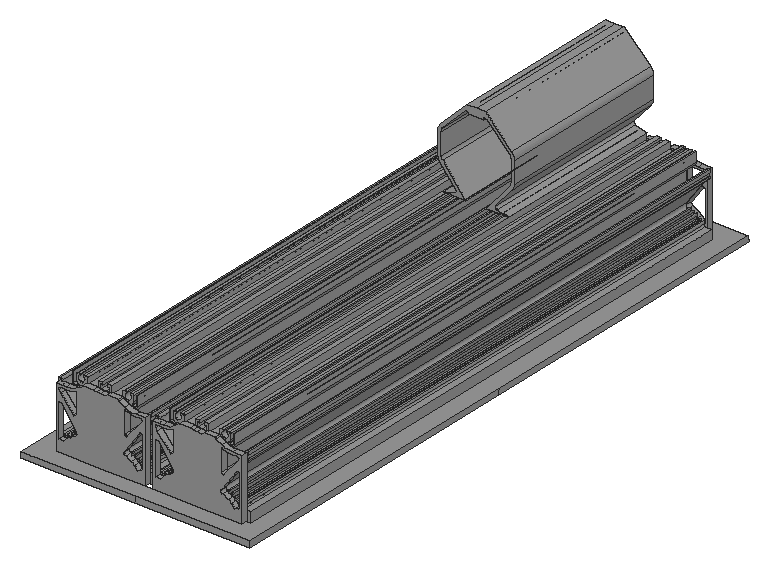
Revit family "L-street 48 Standart", category Осветительные приборы, Revit 2017 (continued)
Types (5, lengths in mm): name | built-in parameter 1150134 | Файл фотометрической сетки | built-in parameter 1150105 | Lumens | built-in parameter 1150106 | built-in parameter 1150142 | Wattage | built-in parameter 1150107 | Артикул
    5 0.00 0.00 0.00 0.00 0.00 0.00 0.00 0.00 0.00 0.00 0.00 0.00 0.00 0.00 0.00\r\n 0.00 0.00 0.00 0.00 0.00 0.00 0.00 0.00 0.00 0.00 0.00 0.00 0.00 0.00 0.00 0.00 0.00 0.00 0.00 0.00 0.00\r\n2431.019 2445.954 2433.497 2425.571 2415.379 2406.32 2397.261 2385.937 2368.951 2351.966 2334.98 2311.20 2278.361 2245.521 2218.344\r\n 2197.961 2188.901 2188.901 2194.563 2195.695 2185.504 2150.399 2068.867 1912.598 1648.752 1262.608 780.213 382.746 184.579 115.503\r\n 91.723 79.267 69.076 58.884 43.031 32.839 31.707 0.00 0.00 0.00 0.00 0.00 0.00 0.00 0.00 0.00 0.00 0.00 0.00 0.00 0.00 0.00 0.00 \r\n0.00 0.00 0.00 0.00 0.00 0.00 0.00 0.00 0.00 0.00 0.00 0.00 0.00 0.00 0.00 0.00 0.00 0.00 0.00 0.00\r\n2431.019 2454.447 2445.388 2440.858 2434.63 2431.233 2427.27 2419.909 2408.019 2396.695 2383.673 2364.988 2337.245 2307.803 \r\n2283.457 2268.169 2264.206 2270.434 2282.89 2295.913 2302.141 2293.082 2250.617 2141.342 1901.276 1484.558 927.991 438.80 182.881 \r\n117.202 95.121 82.098 71.341 60.583 45.862 33.972 31.707 0.00 0.00 0.00 0.00 0.00 0.00 0.00 0.00 0.00 0.00 0.00 0.00 0.00 0.00 0.00\r\n 0.00 0.00 0.00 0.00 0.00 0.00 0.00 0.00 0.00 0.00 0.00 0.00 0.00 0.00 0.00 0.00 0.00 0.00 0.00 0.00 0.00\r\n2431.019 2462.939 2457.278 2456.145 2453.88 2456.145 2457.278 2453.88 2447.086 2441.424 2432.365 2418.776 2396.129 2370.084 \r\n2348.569 2338.377 2339.509 2351.966 2371.215 2396.128 2418.775 2435.761 2432.364 2370.083 2153.796 1706.505 1075.766 494.853 \r\n181.182 118.901 98.518 84.929 73.605 62.281 48.693 35.104 31.707 0.00 0.00 0.00 0.00 0.00 0.00 0.00 0.00 0.00 0.00 0.00 0.00 0.00 \r\n0.00 0.00 0.00 0.00 0.00 0.00 0.00 0.00 0.00 0.00 0.00 0.00 0.00 0.00 0.00 0.00 0.00 0.00 0.00 0.00 0.00 0.00 0.00\r\n2431.019 2469.733 2469.168 2471.432 2473.697 2480.491 2487.286 2488.984 2488.418 2487.285 2482.756 2473.13 2455.013 2435.196 \r\n2417.644 2409.151 2410.283 2421.607 2440.291 2459.542 2478.226 2496.911 2510.499 2478.792 2308.934 1899.576 1255.249 583.744 \r\n190.241 123.43 103.613 89.458 77.568 64.546 49.259 35.104 31.707 0.00 0.00 0.00 0.00 0.00 0.00 0.00 0.00 0.00 0.00 0.00 0.00 0.00 \r\n0.00 0.00 0.00 0.00 0.00 0.00 0.00 0.00 0.00 0.00 0.00 0.00 0.00 0.00 0.00 0.00 0.00 0.00 0.00 0.00 0.00 0.00 0.00\r\n2431.019 2476.528 2481.058 2486.72 2493.514 2504.838 2517.294 2524.088 2529.75 2533.147 2533.147 2527.485 2513.897 2500.308 2486.72\r\n 2479.925 2481.058 2491.249 2509.367 2522.956 2537.677 2558.06 2588.634 2587.502 2464.072 2092.649 1434.733 672.637 199.30 127.96 \r\n108.709 93.988 81.532 66.811 49.825 35.104 31.707 0.00 0.00 0.00 0.00 0.00 0.00 0.00 0.00 0.00 0.00 0.00 0.00 0.00 0.00 0.00 0.00 \r\n0.00 0.00 0.00 0.00 0.00 0.00 0.00 0.00 0.00 0.00 0.00 0.00 0.00 0.00 0.00 0.00 0.00 0.00 0.00 0.00\r\n2431.019 2486.153 2493.514 2503.705 2515.595 2530.883 2548.434 2560.89 2571.648 2579.009 2583.538 2581.273 2571.082 2562.023 \r\n2552.398 2547.302 2547.868 2554.096 2567.119 2575.045 2579.575 2587.502 2606.752 2607.318 2508.235 2179.276 1553.633 770.588 \r\n222.514 133.621 113.238 97.951 85.495 69.642 51.523 35.67 32.273 0.00 0.00 0.00 0.00 0.00 0.00 0.00 0.00 0.00 0.00 0.00 0.00 0.00 \r\n0.00 0.00 0.00 0.00 0.00 0.00 0.00 0.00 0.00 0.00 0.00 0.00 0.00 0.00 0.00 0.00 0.00 0.00 0.00 0.00 0.00 0.00 0.00\r\n2431.019 2495.779 2505.97 2520.691 2537.677 2556.928 2579.575 2597.693 2613.547 2624.871 2633.93 2635.062 2628.268 2623.738 \r\n2618.076 2614.679 2614.679 2616.944 2624.871 2627.135 2621.474 2616.944 2624.871 2627.135 2552.398 2265.904 1672.534 868.54 245.728\r\n 139.283 117.768 101.915 89.458 72.473 53.222 36.236 32.839 0.00 0.00 0.00 0.00 0.00 0.00 0.00 0.00 0.00 0.00 0.00 0.00 0.00 0.00 \r\n0.00 0.00 0.00 0.00 0.00 0.00 0.00 0.00 0.00 0.00 0.00 0.00 0.00 0.00 0.00 0.00 0.00 0.00 0.00 0.00 0.00 0.00\r\n2431.019 2503.139 2517.86 2535.978 2556.927 2580.708 2607.885 2631.665 2652.614 2668.467 2682.056 2688.284 2684.887 2682.622 \r\n2678.659 2675.828 2675.828 2677.526 2679.791 2677.526 2665.637 2650.349 2642.423 2626.569 2538.81 2257.978 1688.953 906.475 266.677\r\n 142.68 120.033 105.312 91.157 75.304 56.619 37.935 32.839 0.00 0.00 0.00 0.00 0.00 0.00 0.00 0.00 0.00 0.00 0.00 0.00 0.00 0.00 \r\n0.00 0.00 0.00 0.00 0.00 0.00 0.00 0.00 0.00 0.00 0.00 0.00 0.00 0.00 0.00 0.00 0.00 0.00 0.00 0.00 0.00 0.00\r\n2431.019 2510.50 2529.75 2551.266 2576.178 2604.488 2636.195 2665.637 2691.681 2712.064 2730.183 2741.506 2741.506 2741.506 \r\n2739.242 2736.977 2736.977 2738.109 2734.712 2727.918 2709.80 2683.755 2659.975 2626.003 2525.221 2250.051 1705.373 944.41 287.626 \r\n146.078 122.298 108.709 92.856 78.135 60.016 39.634 32.839 0.00 0.00 0.00 0.00 0.00 0.00 0.00 0.00 0.00 0.00 0.00 0.00 0.00 0.00 \r\n0.00 0.00 0.00 0.00 0.00 0.00 0.00 0.00 0.00 0.00 0.00 0.00 0.00 0.00 0.00 0.00 0.00 0.00 0.00 0.00 0.00 0.00\r\n2431.019 2506.537 2516.162 2530.883 2554.097 2582.407 2612.981 2643.556 2672.997 2699.042 2724.521 2744.337 2755.661 2764.72 \r\n2765.286 2763.022 2761.889 2761.889 2757.36 2748.301 2731.315 2710.366 2686.019 2650.349 2576.178 2409.717 2072.264 1558.726 \r\n999.893 471.071 182.88 109.275 107.01 108.143 98.517 83.23 67.377 0.00 0.00 0.00 0.00 0.00 0.00 0.00 0.00 0.00 0.00 0.00 0.00 0.00 \r\n0.00 0.00 0.00 0.00 0.00 0.00 0.00 0.00 0.00 0.00 0.00 0.00 0.00 0.00 0.00 0.00 0.00 0.00 0.00 0.00 0.00 0.00 0.00\r\n2431.019 2502.573 2502.573 2510.50 2532.015 2560.325 2589.767 2621.474 2654.313 2686.02 2718.859 2747.168 2769.816 2787.934 \r\n2791.331 2789.067 2786.802 2785.669 2780.008 2768.684 2752.83 2736.977 2712.064 2674.696 2627.135 2569.384 2439.159 2173.049 \r\n1712.168 796.067 243.463 109.841 121.165 138.151 137.019 126.827 101.915 0.00 0.00 0.00 0.00 0.00 0.00 0.00 0.00 0.00 0.00 0.00 \r\n0.00 0.00 0.00 0.00 0.00 0.00 0.00 0.00 0.00 0.00 0.00 0.00 0.00 0.00 0.00 0.00 0.00 0.00 0.00 0.00 0.00 0.00 0.00 0.00 0.00\r\n2431.019 2498.044 2500.875 2510.50 2534.846 2565.42 2598.826 2632.797 2668.467 2703.571 2736.977 2767.551 2793.03 2812.846 2821.339\r\n 2820.207 2816.244 2815.111 2807.185 2792.464 2772.08 2751.698 2723.388 2682.056 2631.098 2573.347 2430.667 2140.21 1656.115 \r\n677.734 198.168 121.731 133.621 137.585 131.923 121.165 95.687 0.00 0.00 0.00 0.00 0.00 0.00 0.00 0.00 0.00 0.00 0.00 0.00 0.00 \r\n0.00 0.00 0.00 0.00 0.00 0.00 0.00 0.00 0.00 0.00 0.00 0.00 0.00 0.00 0.00 0.00 0.00 0.00 0.00 0.00 0.00 0.00 0.00\r\n2431.019 2493.514 2499.176 2510.50 2537.677 2570.516 2607.885 2644.121 2682.622 2721.123 2755.095 2787.934 2816.244 2837.759 \r\n2851.348 2851.348 2845.686 2844.554 2834.362 2816.244 2791.331 2766.419 2734.712 2689.417 2635.062 2577.31 2422.174 2107.37 \r\n1600.061 559.399 152.872 133.622 146.078 137.019 126.827 115.503 89.458 0.00 0.00 0.00 0.00 0.00 0.00 0.00 0.00 0.00 0.00 0.00 0.00\r\n 0.00 0.00 0.00 0.00 0.00 0.00 0.00 0.00 0.00 0.00 0.00 0.00 0.00 0.00 0.00 0.00 0.00 0.00 0.00 0.00 0.00 0.00 0.00 0.00\r\n2431.019 2493.514 2502.007 2518.993 2547.869 2584.671 2625.437 2665.071 2706.403 2748.867 2786.236 2823.605 2855.312 2880.79 \r\n2894.945 2895.511 2892.114 2888.717 2879.092 2862.672 2838.892 2813.413 2784.537 2742.639 2688.851 2636.195 2504.839 2220.609 \r\n1758.03 703.213 182.314 131.357 147.777 143.247 132.489 121.165 94.554 0.00 0.00 0.00 0.00 0.00 0.00 0.00 0.00 0.00 0.00 0.00 0.00 \r\n0.00 0.00 0.00 0.00 0.00 0.00 0.00 0.00 0.00 0.00 0.00 0.00 0.00 0.00 0.00 0.00 0.00 0.00 0.00 0.00 0.00 0.00 0.00 0.00\r\n2431.019 2493.514 2504.838 2527.485 2558.06 2598.826 2642.989 2686.02 2730.183 2776.61 2817.376 2859.275 2894.379 2923.821 2938.542\r\n 2939.674 2938.542 2932.88 2923.821 2909.10 2886.452 2860.407 2834.362 2795.861 2742.639 2695.079 2587.502 2333.847 1915.997 \r\n847.025 211.756 129.092 149.475 149.475 138.151 126.827 99.65 0.00 0.00 0.00 0.00 0.00 0.00 0.00 0.00 0.00 0.00 0.00 0.00 0.00 0.00\r\n 0.00 0.00 0.00 0.00 0.00 0.00 0.00 0.00 0.00 0.00 0.00 0.00 0.00 0.00 0.00 0.00 0.00 0.00 0.00 0.00 0.00 0.00\r\n2431.019 2493.514 2508.801 2534.846 2571.649 2615.812 2662.806 2708.668 2755.096 2803.222 2846.252 2887.585 2923.821 2955.528 \r\n2972.514 2978.175 2981.007 2981.006 2976.477 2966.286 2948.167 2924.953 2905.136 2880.791 2846.253 2822.473 2747.169 2516.163 \r\n2118.695 1003.861 239.50 123.996 144.945 147.776 137.019 125.695 98.518 0.00 0.00 0.00 0.00 0.00 0.00 0.00 0.00 0.00 0.00 0.00 0.00\r\n 0.00 0.00 0.00 0.00 0.00 0.00 0.00 0.00 0.00 0.00 0.00 0.00 0.00 0.00 0.00 0.00 0.00 0.00 0.00 0.00 0.00 0.00 0.00 0.00\r\n2431.019 2493.514 2512.764 2542.207 2585.237 2632.797 2682.622 2731.315 2780.008 2829.833 2875.128 2915.894 2953.263 2987.234 \r\n3006.485 3016.676 3023.471 3029.132 3029.132 3023.471 3009.882 2989.499 2975.91 2965.719 2949.865 2949.865 2906.835 2698.476 \r\n2321.391 1160.696 267.243 118.901 140.416 146.078 135.886 124.562 97.385 0.00 0.00 0.00 0.00 0.00 0.00 0.00 0.00 0.00 0.00 0.00 \r\n0.00 0.00 0.00 0.00 0.00 0.00 0.00 0.00 0.00 0.00 0.00 0.00 0.00 0.00 0.00 0.00 0.00 0.00 0.00 0.00 0.00 0.00 0.00 0.00 0.00\r\n2431.019 2493.514 2516.162 2548.435 2593.164 2643.555 2697.343 2748.867 2799.259 2850.782 2898.908 2942.505 2981.573 3016.676 \r\n3041.589 3054.611 3066.502 3077.259 3084.053 3086.318 3088.017 3089.716 3097.076 3109.533 3118.026 3119.724 3070.466 2899.476 \r\n2555.23 1512.87 460.882 136.453 121.165 141.548 139.85 129.092 102.481 0.00 0.00 0.00 0.00 0.00 0.00 0.00 0.00 0.00 0.00 0.00 0.00 \r\n0.00 0.00 0.00 0.00 0.00 0.00 0.00 0.00 0.00 0.00 0.00 0.00 0.00 0.00 0.00 0.00 0.00 0.00 0.00 0.00 0.00 0.00 0.00 0.00\r\n2431.019 2493.514 2519.559 2554.663 2601.091 2654.313 2712.064 2766.419 2818.509 2871.731 2922.688 2969.116 3009.882 3046.118 \r\n3076.693 3092.546 3109.532 3125.385 3138.974 3149.165 3166.151 3189.931 3218.241 3253.345 3286.184 3289.581 3234.094 3100.473 \r\n2789.067 1865.04 654.519 154.004 101.915 137.019 143.813 133.622 107.577 0.00 0.00 0.00 0.00 0.00 0.00 0.00 0.00 0.00 0.00 0.00 \r\n0.00 0.00 0.00 0.00 0.00 0.00 0.00 0.00 0.00 0.00 0.00 0.00 0.00 0.00 0.00 0.00 0.00 0.00 0.00 0.00 0.00 0.00 0.00 0.00 0.00\r\n2431.019 2492.948 2524.089 2562.024 2609.584 2665.071 2724.521 2780.574 2832.664 2886.452 2937.976 2984.97 3025.736 3065.369 \r\n3099.341 3121.988 3143.504 3167.284 3195.594 3228.432 3273.162 3322.987 3362.621 3385.835 3387.533 3386.967 3400.556 3286.752 \r\n2881.923 1956.198 698.682 150.607 99.65 129.658 131.357 119.467 94.554 0.00 0.00 0.00 0.00 0.00 0.00 0.00 0.00 0.00 0.00 0.00 0.00 \r\n0.00 0.00 0.00 0.00 0.00 0.00 0.00 0.00 0.00 0.00 0.00 0.00 0.00 0.00 0.00 0.00 0.00 0.00 0.00 0.00 0.00 0.00 0.00 0.00\r\n2431.019 2492.382 2528.618 2569.384 2618.076 2675.828 2736.977 2794.729 2846.818 2901.173 2953.263 3000.823 3041.589 3084.619 \r\n3121.988 3151.43 3177.475 3209.182 3252.213 3307.699 3380.172 3456.042 3506.999 3518.323 3488.881 3484.352 3567.016 3473.028 \r\n2974.778 2047.354 742.845 147.21 97.385 122.298 118.901 105.312 81.532 0.00 0.00 0.00 0.00 0.00 0.00 0.00 0.00 0.00 0.00 0.00 0.00 \r\n0.00 0.00 0.00 0.00 0.00 0.00 0.00 0.00 0.00 0.00 0.00 0.00 0.00 0.00 0.00 0.00 0.00 0.00 0.00 0.00 0.00 0.00 0.00 0.00\r\n2431.019 2490.117 2528.618 2572.781 2623.172 2681.49 2744.338 2805.487 2860.973 2917.027 2973.08 3023.471 3067.068 3111.797 \r\n3152.563 3188.233 3225.035 3272.03 3336.576 3413.578 3485.485 3540.972 3568.148 3575.509 3592.495 3674.594 3721.587 3454.343 \r\n2733.579 1718.394 632.437 154.005 106.444 121.166 116.07 102.481 81.532 0.00 0.00 0.00 0.00 0.00 0.00 0.00 0.00 0.00 0.00 0.00 0.00\r\n 0.00 0.00 0.00 0.00 0.00 0.00 0.00 0.00 0.00 0.00 0.00 0.00 0.00 0.00 0.00 0.00 0.00 0.00 0.00 0.00 0.00 0.00 0.00 0.00\r\n2431.019 2487.852 2528.618 2576.178 2628.268 2687.152 2751.698 2816.244 2875.128 2932.88 2992.896 3046.118 3092.546 3138.974 \r\n3183.137 3225.035 3272.595 3334.877 3420.938 3519.456 3590.796 3625.90 3629.297 3632.694 3696.108 3864.833 3876.157 3435.659 \r\n2492.382 1389.438 522.03 160.799 115.503 120.033 113.239 99.65 81.532 0.00 0.00 0.00 0.00 0.00 0.00 0.00 0.00 0.00 0.00 0.00 0.00 \r\n0.00 0.00 0.00 0.00 0.00 0.00 0.00 0.00 0.00 0.00 0.00 0.00 0.00 0.00 0.00 0.00 0.00 0.00 0.00 0.00 0.00 0.00 0.00 0.00\r\n2431.019 2487.286 2533.148 2582.973 2638.46 2700.175 2766.985 2830.399 2888.717 2945.336 3004.786 3058.575 3106.701 3156.526 \r\n3206.917 3260.139 3322.987 3401.688 3488.315 3555.692 3594.193 3616.841 3639.489 3694.409 3796.891 3837.656 3520.022 2738.676 \r\n1786.906 975.551 417.851 162.498 113.805 109.276 101.349 90.591 75.304 0.00 0.00 0.00 0.00 0.00 0.00 0.00 0.00 0.00 0.00 0.00 0.00 \r\n0.00 0.00 0.00 0.00 0.00 0.00 0.00 0.00 0.00 0.00 0.00 0.00 0.00 0.00 0.00 0.00 0.00 0.00 0.00 0.00 0.00 0.00 0.00 0.00\r\n2431.019 2486.72 2537.677 2589.767 2648.651 2713.197 2782.272 2844.554 2902.305 2957.792 3016.676 3071.031 3120.856 3174.078 \r\n3230.697 3295.243 3373.378 3468.498 3555.692 3591.928 3597.59 3607.782 3649.68 3756.124 3897.673 3810.479 3163.886 2041.692 \r\n1081.429 561.663 313.671 164.196 112.106 98.518 89.458 81.532 69.076 0.00 0.00 0.00 0.00 0.00 0.00 0.00 0.00 0.00 0.00 0.00 0.00 \r\n0.00 0.00 0.00 0.00 0.00 0.00 0.00 0.00 0.00 0.00 0.00 0.00 0.00 0.00 0.00 0.00 0.00 0.00 0.00 0.00 0.00 0.00 0.00 0.00\r\n2431.019 2486.154 2539.376 2594.863 2656.012 2721.69 2790.199 2854.179 2913.063 2969.116 3026.868 3082.355 3135.011 3192.196 \r\n3253.345 3323.553 3407.916 3493.411 3547.766 3556.824 3561.354 3588.532 3646.283 3727.815 3710.829 3248.817 2373.482 1493.618 \r\n854.952 490.323 291.59 157.402 105.878 91.724 83.23 75.304 64.546 0.00 0.00 0.00 0.00 0.00 0.00 0.00 0.00 0.00 0.00 0.00 0.00 0.00 \r\n0.00 0.00 0.00 0.00 0.00 0.00 0.00 0.00 0.00 0.00 0.00 0.00 0.00 0.00 0.00 0.00 0.00 0.00 0.00 0.00 0.00 0.00 0.00\r\n2431.019 2485.587 2541.074 2599.958 2663.372 2730.183 2798.126 2863.804 2923.821 2980.44 3037.059 3093.678 3149.165 3210.314 \r\n3275.993 3351.862 3442.453 3518.323 3539.839 3521.72 3525.118 3569.281 3642.886 3699.505 3523.985 2687.153 1583.077 945.543 628.474\r\n 418.983 269.508 150.607 99.65 84.929 77.002 69.076 60.016 0.00 0.00 0.00 0.00 0.00 0.00 0.00 0.00 0.00 0.00 0.00 0.00 0.00 0.00 \r\n0.00 0.00 0.00 0.00 0.00 0.00 0.00 0.00 0.00 0.00 0.00 0.00 0.00 0.00 0.00 0.00 0.00 0.00 0.00 0.00 0.00 0.00\r\n2431.019 2486.154 2544.471 2605.054 2669.60 2735.845 2804.354 2870.032 2931.748 2987.801 3043.854 3102.738 3163.886 3231.264 \r\n3299.207 3376.775 3453.777 3499.639 3495.11 3479.822 3492.845 3522.287 3536.442 3444.152 2934.579 1994.699 1193.536 787.008 566.193\r\n 391.806 245.162 140.416 97.385 82.098 73.039 65.679 57.186 0.00 0.00 0.00 0.00 0.00 0.00 0.00 0.00 0.00 0.00 0.00 0.00 0.00 0.00 \r\n0.00 0.00 0.00 0.00 0.00 0.00 0.00 0.00 0.00 0.00 0.00 0.00 0.00 0.00 0.00 0.00 0.00 0.00 0.00 0.00 0.00 0.00\r\n2431.019 2486.72 2547.868 2610.15 2675.828 2741.506 2810.582 2876.26 2939.674 2995.161 3050.648 3111.797 3178.607 3252.213 3322.42 \r\n3401.687 3465.101 3480.954 3450.38 3437.924 3460.572 3475.293 3429.997 3188.799 2345.172 1302.245 803.995 628.474 503.912 364.628 \r\n220.815 130.224 95.12 79.267 69.076 62.281 54.355 0.00 0.00 0.00 0.00 0.00 0.00 0.00 0.00 0.00 0.00 0.00 0.00 0.00 0.00 0.00 0.00 \r\n0.00 0.00 0.00 0.00 0.00 0.00 0.00 0.00 0.00 0.00 0.00 0.00 0.00 0.00 0.00 0.00 0.00 0.00 0.00 0.00\r\n2431.019 2484.455 2549.001 2614.113 2682.056 2748.301 2817.943 2884.753 2946.469 3001.956 3059.141 3122.555 3192.196 3264.103 \r\n3332.046 3397.158 3440.189 3437.924 3409.614 3399.423 3396.026 3347.333 3190.498 2731.316 1821.444 1012.92 680.564 562.23 452.389 \r\n333.488 213.455 133.055 96.819 78.135 67.377 60.583 53.789 0.00 0.00 0.00 0.00 0.00 0.00 0.00 0.00 0.00 0.00 0.00 0.00 0.00 0.00 \r\n0.00 0.00 0.00 0.00 0.00 0.00 0.00 0.00 0.00 0.00 0.00 0.00 0.00 0.00 0.00 0.00 0.00 0.00 0.00 0.00 0.00 0.00\r\n2431.019 2482.19 2550.133 2618.076 2688.284 2755.095 2825.303 2893.246 2953.263 3008.75 3067.634 3133.312 3205.785 3275.993 \r\n3341.671 3392.628 3415.276 3394.893 3368.848 3360.922 3331.48 3219.373 2950.998 2273.831 1297.714 723.595 557.134 495.985 400.865 \r\n302.347 206.094 135.886 98.518 77.002 65.678 58.884 53.222 0.00 0.00 0.00 0.00 0.00 0.00 0.00 0.00 0.00 0.00 0.00 0.00 0.00 0.00 \r\n0.00 0.00 0.00 0.00 0.00 0.00 0.00 0.00 0.00 0.00 0.00 0.00 0.00 0.00 0.00 0.00 0.00 0.00 0.00 0.00 0.00 0.00\r\n2431.019 2478.227 2549.001 2618.643 2689.983 2757.36 2825.869 2893.246 2954.395 3011.581 3071.597 3140.673 3212.579 3280.523 \r\n3339.973 3376.209 3380.739 3354.694 3333.17
